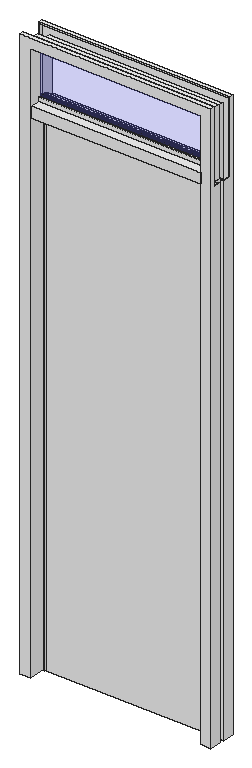
Revit family "kawneer-flushline_novl-sgl_tran-fr_20643", category Doors, host Wall, Revit 2015
Parameters
  Water - Static (ASTM E 331) = "product not tested"
  URL = "http://www.kawneer.com/kawneer/north_america/en/product.asp?prod_id=1820"
  Type of Glazing = "monolithic, insulating"
  Type Comments = "Foam-filled with Aluminum or FRP Face Sheets"
  Thermal Transmittance = "< 0.28 BTU/hr/sf/F"
  Sub Category3 = ""
  Sub Category2 = ""
  Sub Category1 = ""
  Sightline = 0"
  Short Description = "Foam-filled with Aluminum or FRP Face Sheets"
  Product data url = "https://bimobject.com/kawneerna/product/20635"
  Panel Inserts Material = none
  Overall U-Factor = "product not tested"
  Model = "Flushline®"
  Manufacturer Part Number = "Flushline®"
  Manufacturer = "Kawneer"
  Keywords = "Entrance, Door, Swing Door, FRP Skin Door, Aluminum Skin Door, Foam-filled Door"
  Hurricane Resistant Tested [instance] = "product not tested"
  Hinging Types = "Offset Pivot, Butt Hinge, Continuous Gear Hinge"
  Height = Door Panel Height + 12"  # 96"
  Wall Closure = By host
  Width = 32"
  Glazing Thickness = 0"
  Glass U-Factor = "product not tested"
  Glass Installtion = "cut outs for vision area, inside or outside"
  Glass Capture = "Captured"
  Function (Interior or Exterior) = "Exterior, Interior"
  Function = Interior
  Door Panel Width = Width - (1 3/4" * 2)  # 28 1/2"
  Door Panel Material = Aluminum - ASTM B 221 - 6063-T6 alloy and temper
  Door Panel Height = 84"
  Door Opening = Door Panel Width  # 28 1/2"
  Door Corner Construction = "Welded"
  Design Pressure = "n/a"
  Design Load = "n/a"
  Description = "The \"Flushline\" entrance is a polyurethane foam filled door with FRP or aluminum face sheets designed in various textures for interior or exterior use."
  Depth = 2"
  Color = "any"
  Cladding Type = "n/a"
  CSI Masterformat Code = "08 41 13"
  Assembly Code = "B2030110"
  Application = "moderate traffic, high traffic, impact areas"
  Air Infiltration (ASTM E 283) = "product not tested"
  2-Color Option = "no"
Reference planes
  plane 1 "Centre Wall": y = 0
  plane 2 "Center (Left/Right)": x = 0
  plane 3 "Left": x = -406.4
  plane 4 "Right": x = 406.4
  plane 5: z = 2438.4
  plane 6 "Exterior": y = 75
  plane 7 "Interior": y = -75
  plane 8: z = 2133.6
  plane 9: x = -361.9
  plane 10: x = 361.9
Forms (mm)
  Sweep 1, solid, material "Aluminum - ASTM B 221 - 6063-T6 alloy and temper" <- "Door Panel Material"
    path origin (0, 0, 0) x (1, 0, 0) y (0, 0, 1)
      loop
        line (406.4, 2133.6) -> (406.4, 0)
    profile "TF450Frame : TF450Frame" origin (406.4, 0, 1066.8) x (1, 0, 0) y (0, -1, 0)
      loop
        line (-54.5, -13.375) -> (-44.5, -13.375) -> (-44.5, -57.175) -> (0, -57.175) -> (0, -12.125) -> (-17.25, -12.125) -> (-17.25, 12.125) -> (0, 12.125) -> (0, 57.125) -> (-44.5, 57.125) -> (-44.5, -8.375) -> (-54.5, -8.375) -> (-54.5, -13.375)
      loop
        line (-5, -17.125) -> (-22.25, -17.125) -> (-22.25, 17.125) -> (-5, 17.125) -> (-5, 52.125) -> (-39.5, 52.125) -> (-39.5, -52.175) -> (-5, -52.175) -> (-5, -17.125)
  Sweep 2, solid, material "Aluminum - ASTM B 221 - 6063-T6 alloy and temper" <- "Door Panel Material"
    path origin (0, 0, 0) x (1, 0, 0) y (0, 0, 1)
      loop
        line (-406.4, 2133.6) -> (-406.4, 0)
    profile "TF450Frame : TF450Frame" origin (-406.4, 0, 1066.8) x (1, 0, 0) y (0, -1, 0)
      loop
        line (54.5, -13.375) -> (54.5, -8.375) -> (44.5, -8.375) -> (44.5, 57.125) -> (0, 57.125) -> (0, 12.125) -> (17.25, 12.125) -> (17.25, -12.125) -> (0, -12.125) -> (0, -57.175) -> (44.5, -57.175) -> (44.5, -13.375) -> (54.5, -13.375)
      loop
        line (5, -17.125) -> (5, -52.175) -> (39.5, -52.175) -> (39.5, 52.125) -> (5, 52.125) -> (5, 17.125) -> (22.25, 17.125) -> (22.25, -17.125) -> (5, -17.125)
  Sweep 3, solid, material "Aluminum - ASTM B 221 - 6063-T6 alloy and temper" <- "Door Panel Material"
    path origin (0, 0, 44.5) x (1, 0, 0) y (0, 0, 1)
      loop
        line (361.9, 2133.6) -> (-361.9, 2133.6)
    profile "TF450midFrame : TF450midFrame" origin (0, 0, 2178.1) x (0, 0, -1) y (0, -1, 0)
      loop
        line (5, 52.15) -> (5, -52.15) -> (39.5, -52.15) -> (39.5, 52.15) -> (5, 52.15)
      loop
        arc (-13.041, -8.796) -> (-14.742, -11.787) -> (-17.973, -12.971) r 5
        line (-17.973, -12.971) -> (-17.973, -14.55) -> (0, -14.55) -> (0, -5.272)
        arc (0, -5.272) -> (-6.307, -7.826) -> (-13.041, -8.796) r 28.226
      loop
        arc (-17.973, 10.971) -> (-14.973, 7.971) -> (-17.973, 4.971) r 3
        line (-17.973, 4.971) -> (-17.973, 3)
        arc (-17.973, 3) -> (-14.756, 4.043) -> (-12.781, 6.788) r 5.429
        arc (-12.781, 6.788) -> (-6.143, 5.7) -> (0, 2.959) r 26.226
        line (0, 2.959) -> (0, -2.959)
        arc (0, -2.959) -> (-6.143, -5.7) -> (-12.781, -6.788) r 26.226
        arc (-12.781, -6.788) -> (-14.756, -4.043) -> (-17.973, -3) r 5.429
        line (-17.973, -3) -> (-17.973, -4.971)
        arc (-17.973, -4.971) -> (-14.973, -7.971) -> (-17.973, -10.971) r 3
        line (-17.973, -10.971) -> (-19.973, -10.971) -> (-19.973, -17.05) -> (0, -17.05) -> (0, -57.15) -> (44.5, -57.15) -> (44.5, -13.35) -> (54.5, -13.35) -> (54.5, -8.35) -> (44.5, -8.35) -> (44.5, 57.15) -> (0, 57.15) -> (0, 17.05) -> (-19.973, 17.05) -> (-19.973, 10.971) -> (-17.973, 10.971)
      loop
        arc (-17.973, 12.971) -> (-14.742, 11.787) -> (-13.041, 8.796) r 5
        arc (-13.041, 8.796) -> (-6.307, 7.826) -> (0, 5.272) r 28.226
        line (0, 5.272) -> (0, 14.55) -> (-17.973, 14.55) -> (-17.973, 12.971)
  Sweep 4, solid, material "Aluminum - ASTM B 221 - 6063-T6 alloy and temper" <- "Door Panel Material"
    path origin (0, 0, 0) x (1, 0, 0) y (0, 0, 1)
      loop
        line (-406.4, 2133.6) -> (-406.4, 2438.4) -> (406.4, 2438.4) -> (406.4, 2133.6)
    profile "TF450TPFrame : TF450TPFrame" origin (406.4, 0, 2286) x (1, 0, 0) y (0, -1, 0)
      loop
        line (-39.5, 11) -> (-39.5, 52.125) -> (-5, 52.125) -> (-5, 42.125) -> (0, 42.125) -> (0, 57.125) -> (-44.5, 57.125) -> (-44.5, 6) -> (-27.25, 6) -> (-27.25, -6) -> (-44.5, -6) -> (-44.5, -57.175) -> (0, -57.175) -> (0, -42.175) -> (-5, -42.175) -> (-5, -52.175) -> (-39.5, -52.175) -> (-39.5, -11) -> (-22.25, -11) -> (-22.25, 11) -> (-39.5, 11)
  Extrusion 5, solid, material <- "Panel Inserts Material"
    sketch origin (0, 0, 0) x (1, 0, 0) y (0, 0, 1)
      loop
        line (379.15, 2411.15) -> (-379.15, 2411.15) -> (-379.15, 2178.1) -> (379.15, 2178.1) -> (379.15, 2411.15)
    from -6 to 6
Cuts and joins
  joined: Sweep 1, Sweep 2, Sweep 4
Lines and regions (mm)
  Opening 1
    outline origin (-3050, -75, 0) x (1, 0, 0) y (0, 0, 1)
      loop
        line (2643.6, 0) -> (3456.4, 0) -> (3456.4, 2438.4) -> (2643.6, 2438.4) -> (2643.6, 0)
  symbolic lines
    curve 1: line (-361.9, 781.075, 0) -> (-311.1, 781.075, 0)
    curve 2: line (-361.9, 57.175, 0) -> (-361.9, 781.075, 0)
    curve 3: line (-311.1, 57.175, 0) -> (-361.9, 57.175, 0)
    curve 4: line (-311.1, 781.075, 0) -> (-311.1, 57.175, 0)
    curve 5: arc (-311.1, 781.075, 0) -> (168.89, 552.022, 0) -> (363.78, 57.175, 0) r 725.68
Text (mm)
  text "Exterior" at (-2295.016, 1099.543, 0), in view "Ref. Level"
  text "Exterior" at (0, 1615.38, 3698.081), in view "Left"
  text "Exterior" at (0, 1036.032, 3874.932), in view "Right"
Dimensions and locks
  equal spacing: plane 3 "Left", plane 2 "Center (Left/Right)", plane 4 "Right"
  "Width": plane 3 "Left" to plane 4 "Right"
  "Height": plane 5 to host wall
  host wall to plane 5 = 96"
  "Door Panel Height": host wall to plane 8
  locked: plane 6 "Exterior" to host wall at 0
  locked: plane 7 "Interior" to host wall
  "Depth": curve 2 to curve 4
  "Door Panel Width": cut or joined group of Sweep 1, Sweep 2, Sweep 4 to curve 1
  aligned and locked: plane 3 "Left" to Opening 1 sketch curve
  aligned and locked: plane 5 to Opening 1 sketch curve  (x2)
  aligned and locked: Opening 1 sketch curve to plane 4 "Right"
  aligned and locked: Opening 1 sketch curve to level
  aligned and locked: plane 1 "Centre Wall" to host wall
  aligned and locked: plane 8 to Sweep 1 sketch curve
  aligned and locked: level to Sweep 1 sketch curve
  aligned and locked: plane 8 to Sweep 2 sketch curve
  aligned and locked: level to Sweep 2 sketch curve
  aligned and locked: plane 10 to Sweep 3 sketch curve
  aligned and locked: plane 9 to Sweep 3 sketch curve
  aligned and locked: plane 8 to Sweep 4 sketch curve  (x2)
  aligned and locked: plane 5 to Sweep 4 sketch curve
  aligned and locked: Sweep 4 sketch curve to plane 3 "Left"
  aligned and locked: Sweep 4 sketch curve to plane 4 "Right"
  aligned and locked: Extrusion 5 to cut or joined group of Sweep 1, Sweep 2, Sweep 4  (x5)
  aligned and locked: Extrusion 5 to Sweep 3
  aligned and locked: nested 1 to plane 2 "Center (Left/Right)"
  aligned and locked: cut or joined group of Sweep 1, Sweep 2, Sweep 4 to curve 3
  aligned and locked: plane 9 to curve 2
  aligned and locked: cut or joined group of Sweep 1, Sweep 2, Sweep 4 to curve 5
Automatic sketch dimensions
  Sweep 2 sketch curve to plane 3 "Left" = 0"
  Sweep 1 sketch curve to plane 4 "Right" = 0"
  plane 8 to Sweep 3 sketch curve = 1.75197"
  Extrusion 5 sketch curve to plane 9 = 0.67913"
  Extrusion 5 sketch curve to plane 10 = 0.67913"
  plane 8 to Extrusion 5 sketch curve = 1.75197"
  plane 5 to Extrusion 5 sketch curve = 1.07283"
  curve 5 to plane 9 = 0"
Nested families
  nested 1: "Kawneer-Flushline_NoVL-Sgl" at (-38.1, 35.6, 0) x (-1, 0, 0) z (0, 0, 1), type "Kawneer-Flushline_NoVL-Sgl"
Definition of nested family "Kawneer-Flushline_NoVL-Sgl"
  Parameters
    Width = 28 1/2"
    Height = 84"
    Door Panel Material = none
    Door Hangle Material = none
    Door Handle Width = 2"
    Door Handle Height = 33 1/8"
    Depth = 1 3/4"
    Assembly Code = ""
  Reference planes
    plane 1 "Center (Front/Back)": y = 0
    plane 2: z = 0
    plane 3 "Center (Left/Right)": x = -38.1
    plane 4: x = -400.05
    plane 5: x = 323.85
    plane 6: y = -22.225
    plane 7: y = 22.225
    plane 8: z = 2133.6
    plane 9: z = 841.375
    plane 10: x = -349.25
  Forms (mm)
    Extrusion 1, solid, material <- "Door Panel Material"
      sketch origin (0, 0, 0) x (1, 0, 0) y (0, 0, 1)
        loop
          line (-400.05, 2133.6) -> (-400.05, 0) -> (323.85, 0) -> (323.85, 2133.6) -> (-400.05, 2133.6)
      from -22.225 to 22.225
  Dimensions and locks
    equal spacing: plane 6, plane 1 "Center (Front/Back)", plane 7
    "Depth": plane 6 to plane 7
    equal spacing: plane 4, plane 3 "Center (Left/Right)", plane 5
    "Width": plane 4 to plane 5
    "Height": plane 8 to level
    "Door Handle Height": plane 9 to level
    "Door Handle Width": plane 10 to plane 4
    aligned and locked: plane 4 to Extrusion 1 sketch curve
    aligned and locked: Extrusion 1 sketch curve to plane 8
    aligned and locked: plane 2 to Extrusion 1 sketch curve
    aligned and locked: Extrusion 1 sketch curve to plane 5
    aligned and locked: Extrusion 1 to plane 7
    aligned and locked: Extrusion 1 to plane 6
    aligned and locked: plane 9 to nested 1
    aligned and locked: nested 1 to plane 6
    aligned and locked: plane 10 to nested 1
  Nested families
    nested 1: "Style CO 9 Pull" at (-387.284, -22.225, 612.775), type "Style CO 9 Pull"
  Definition of nested family "Style CO 9 Pull"
    Parameters
      Width = 1.1811"
      Height = 9"
      Hangle Material = none
      Depth = 1.1811"
    Reference planes
      plane 1 "Center (Front/Back)": y = 0
      plane 2: z = 0
      plane 3 "Center (Left/Right)": x = 53.034
      plane 4: y = -30
      plane 5: x = 38.034
      plane 6: x = 68.034
      plane 7: x = 46.034
      plane 8 "Top": z = 228.6
      plane 9: x = 60.034
      plane 10: z = 220.6
      plane 11: z = 8
    Forms (mm)
      Sweep 1, solid, material <- "Hangle Material"
        path origin (0, 0, 0) x (1, 0, 0) y (0, 1, 0)
          loop
            line (38.034, 0) -> (38.034, -23)
            arc (38.034, -23) -> (40.085, -27.95) -> (45.034, -30) r 7
            line (45.034, -30) -> (60.034, -30)
        profile origin (38.034, -11.5, 0) x (1, 0, 0) y (0, 0, 1)
          loop
            circle (0, 0) r 5
      Sweep 2, solid, material <- "Hangle Material"
        path origin (0, 0, 228.6) x (-1, 0, 0) y (0, -1, 0)
          loop
            line (-38.034, 0) -> (-38.034, 23)
            arc (-38.034, 23) -> (-40.085, 27.95) -> (-45.034, 30) r 7
            line (-45.034, 30) -> (-60.034, 30)
        profile origin (38.034, -11.5, 228.6) x (1, 0, 0) y (0, 0, 1)
          loop
            circle (0, 0) r 5
      Sweep 3, solid, material <- "Hangle Material"
        path origin (-1540.712, -30, 1200) x (-1, 0, 0) y (0, 0, 1)
          loop
            arc (-1600.747, -1200) -> (-1606.404, -1197.657) -> (-1608.747, -1192) r 8
            line (-1608.747, -1192) -> (-1608.747, -979.4)
            arc (-1608.747, -979.4) -> (-1606.404, -973.743) -> (-1600.747, -971.4) r 8
        profile origin (68.034, -30, 114.3) x (1, 0, 0) y (0, 1, 0)
          loop
            circle (0, 0) r 5
    Cuts and joins
      joined: Sweep 1, Sweep 2, Sweep 3
    Dimensions and locks
      "Depth": plane 4 to plane 1 "Center (Front/Back)"
      equal spacing: plane 5, plane 3 "Center (Left/Right)", plane 6
      locked: plane 5 to plane 7 at 8
      "Width": plane 5 to plane 6
      "Height": plane 8 "Top" to level
      locked: plane 9 to plane 6 at 8
      locked: level to plane 11 at 8
      locked: plane 10 to plane 8 "Top" at 8
      aligned and locked: Sweep 1 sketch curve to plane 5
      aligned and locked: Sweep 1 sketch curve to plane 4
      aligned and locked: plane 1 "Center (Front/Back)" to Sweep 1 sketch curve
      aligned and locked: plane 9 to Sweep 1 sketch curve
      aligned and locked: Sweep 2 sketch curve to plane 5
      aligned and locked: Sweep 2 sketch curve to plane 4
      aligned and locked: plane 1 "Center (Front/Back)" to Sweep 2 sketch curve
      aligned and locked: plane 9 to Sweep 2 sketch curve
      aligned and locked: plane 6 to Sweep 3 sketch curve  (x2)
      aligned and locked: plane 10 to Sweep 3 sketch curve
      aligned and locked: plane 11 to Sweep 3 sketch curve
      aligned and locked: plane 9 to Sweep 3 sketch curve  (x2)
      aligned and locked: plane 8 "Top" to Sweep 3 sketch curve
      aligned and locked: level to Sweep 3 sketch curve
      aligned and locked: plane 4 to Sweep 3 sketch curve
    Automatic sketch dimensions
      Sweep 1 sketch curve to plane 7 = 0.03937"
      Sweep 1 sketch curve to level = 0"
      Sweep 1 sketch curve to profile plane = 0"
      Sweep 2 sketch curve to plane 7 = 0.03937"
      Sweep 2 sketch curve to plane 8 "Top" = 0"
      Sweep 2 sketch curve to profile plane = 0"
      radius of Sweep 1 sketch curve = 0.19685"
      radius of Sweep 2 sketch curve = 0.19685"
      radius of Sweep 3 sketch curve = 0.19685"
